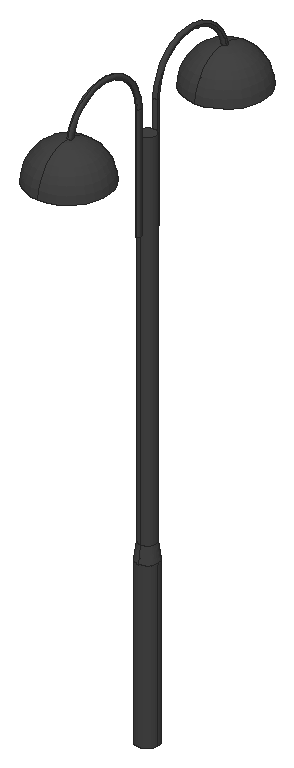
Revit family
Parameters
  Material Post = Paint - Black Matte
  Main Radius = Base Radius - 25 mm  # 75 mm
  Height = 5000 mm
  Base Radius = 100 mm
  Base Height = 1500 mm
Reference planes
  plane 1 "Light Source Axis (F/B)": y = 0
  plane 2: z = 0
  plane 3 "Light Source Axis (L/R)": x = 0
  plane 4 "Light Source Elevation": z = 5000
  plane 5: z = 1500
  plane 6: z = 1650
  plane 7: z = 7950
  plane 8: y = -100
  plane 9: y = -500
  plane 10: z = 7700
  plane 11: z = 7950
  plane 12: y = -100
  plane 13: y = -550
  plane 14: z = 7700
  plane 15: y = 550
Forms (mm)
  Extrusion 1, solid, material "Paint - Black Matte" <- "Material Post"
    sketch origin (0, 0, 0) x (1, 0, 0) y (0, 1, 0)
      loop
        circle (0, 0) r 100
    from 0 to 1500
  Extrusion 2, solid, material "Paint - Black Matte" <- "Material Post"
    sketch origin (0, 0, 1650) x (0, -1, 0) y (-1, 0, 0)
      loop
        circle (0, 0) r 75
    from 0 to -3350
  Blend 3, solid, material "Paint - Black Matte" <- "Material Post"
    base sketch origin (0, 0, 1500) x (0, -1, 0) y (1, 0, 0)
      loop
        circle (0, 0) r 100
    top sketch origin (0, 0, 1500) x (0, -1, 0) y (1, 0, 0)
      loop
        circle (0, 0) r 75
    from 0 to 150
  Sweep 4, solid, material "Paint - Black Matte" <- "Material Post"
    path origin (0, 0, 0) x (0, 1, 0) y (0, 0, 1)
      loop
        line (-100, 4200) -> (-100, 5250)
        arc (-100, 5250) -> (-500, 5650) -> (-900, 5250) r 400
    profile origin (0, 0, 4725) x (0, -1, 0) y (1, 0, 0)
      loop
        circle (100, 0) r 20
  Revolve 5, solid, material "Paint - Black Matte" <- "Material Post"
    sketch origin (0, 0, 0) x (0, 1, 0) y (0, 0, 1)
      loop
        arc (-550, 5000) -> (-652.513, 5247.487) -> (-900, 5350) r 350
        line (-900, 5350) -> (-900, 5340)
        arc (-900, 5340) -> (-659.584, 5240.416) -> (-560, 5000) r 340
        line (-560, 5000) -> (-550, 5000)
      axis (-900, 5350) -> (-900, 5000)
    angle from 0 to 360
  Sweep 6, solid, material "Paint - Black Matte" <- "Material Post"
    path origin (0, 0, 0) x (0, -1, 0) y (0, 0, -1)
      loop
        line (-100, -4200) -> (-100, -5250)
        arc (-100, -5250) -> (-500, -5650) -> (-900, -5250) r 400
    profile origin (0, 0, 4725) x (1, 0, 0) y (0, 1, 0)
      loop
        circle (0, 100) r 20
  Revolve 7, solid, material "Paint - Black Matte" <- "Material Post"
    sketch origin (0, 0, 0) x (0, -1, 0) y (0, 0, -1)
      loop
        line (-550, -5000) -> (-560, -5000)
        arc (-560, -5000) -> (-659.584, -5240.416) -> (-900, -5340) r 340
        line (-900, -5340) -> (-900, -5350)
        arc (-900, -5350) -> (-652.513, -5247.487) -> (-550, -5000) r 350
      axis (-900, -5350) -> (-900, -5000)
    angle from 0 to 360
Dimensions and locks
  "Base Height": plane 5 to plane 2
  "Height": plane 4 "Light Source Elevation" to plane 2
  plane 6 to plane 5 = 150 mm
  plane 8 to plane 9 = 400 mm
  locked: plane 1 "Light Source Axis (F/B)" to plane 8 at 100
  plane 5 to plane 6 = 150 mm
  plane 4 "Light Source Elevation" to Sweep 4 sketch curve = 650 mm
  plane 13 to plane 12 = 450 mm
  plane 4 "Light Source Elevation" to Sweep 6 sketch curve = 650 mm
  plane 1 "Light Source Axis (F/B)" to Sweep 6 sketch curve = 100 mm
  plane 1 "Light Source Axis (F/B)" to Sweep 6 sketch curve = 900 mm
  Sweep 6 sketch curve to plane 15 = 450 mm
  Sweep 4 sketch curve to plane 4 "Light Source Elevation" = 800 mm
  Sweep 6 sketch curve to plane 4 "Light Source Elevation" = 800 mm
  "Base Radius": radius of Extrusion 1 sketch curve
  "Main Radius": radius of Extrusion 2 sketch curve
  aligned and locked: Extrusion 2 to plane 6
  aligned and locked: Extrusion 2 to plane 4 "Light Source Elevation"
  aligned and locked: Blend 3 to plane 6
  aligned and locked: Blend 3 sketch curve to Extrusion 1
  aligned and locked: Blend 3 sketch curve to Extrusion 2
  aligned and locked: Extrusion 1 to plane 5
  aligned and locked: plane 3 "Light Source Axis (L/R)" to nested 1
  aligned and locked: nested 2 to plane 3 "Light Source Axis (L/R)"
  aligned and locked: plane 4 "Light Source Elevation" to nested 2
  aligned and locked: plane 4 "Light Source Elevation" to nested 1
Automatic sketch dimensions
  Extrusion 1 sketch curve to plane 1 "Light Source Axis (F/B)" = 0 mm
  Extrusion 1 sketch curve to plane 3 "Light Source Axis (L/R)" = 0 mm
  Extrusion 2 sketch curve to plane 1 "Light Source Axis (F/B)" = 0 mm
  Extrusion 2 sketch curve to plane 3 "Light Source Axis (L/R)" = 0 mm
  Sweep 4 sketch curve to plane 3 "Light Source Axis (L/R)" = 0 mm
  Sweep 4 sketch curve to profile plane = 0 mm
  Revolve 5 sketch curve to plane 4 "Light Source Elevation" = 0 mm
  Revolve 5 sketch curve to level = 508 mm
  Sweep 4 sketch curve to plane 9 = 0 mm
  Sweep 6 sketch curve to profile plane = 0 mm  (x2)
  Revolve 7 sketch curve to plane 4 "Light Source Elevation" = 0 mm
  Revolve 7 sketch curve to Revolve 7 sketch curve = 10 mm
  Revolve 7 sketch curve to level = 508 mm
  Revolve 5 sketch curve to Revolve 5 sketch curve = 340 mm
  Revolve 5 sketch curve to Revolve 5 sketch curve = 10 mm
  Sweep 4 sketch curve to plane 8 = 0 mm
  plane 1 "Light Source Axis (F/B)" to Revolve 5 sketch curve = 900 mm  (x2)
  Revolve 7 sketch curve to plane 1 "Light Source Axis (F/B)" = 900 mm  (x2)
  Revolve 7 sketch curve to Revolve 7 sketch curve = 340 mm
  Revolve 5 sketch curve to Revolve 5 sketch curve = 1403 mm
  Revolve 7 sketch curve to Revolve 7 sketch curve = 1403 mm
  radius of Sweep 4 sketch curve = 20 mm
  radius of Sweep 6 sketch curve = 20 mm
Nested families
  nested 1: "Light Source" at (0, 900, 5000), type "250W"
  nested 2: "Light Source" at (0, -900, 5000), type "250W"
Definition of nested family "Light Source"
  Parameters (values of type "250W")
    Wattage = 250 W
    built-in parameter 1150110 = 1 (stored number, unit not read)
    built-in parameter 1114217 = 1 (stored number, unit not read)
    built-in parameter 1150109 = 1 (stored number, unit not read)
    built-in parameter 1150134 = 3
    built-in parameter 1150113 = 1 (stored number, unit not read)
    Lumens = 4500 lm
    built-in parameter 1150115 = 1 (stored number, unit not read)
    built-in parameter 1150105 = 1432.4 (stored number, unit not read)
    Light Source Symbol Size = 609.6 mm
    built-in parameter 1150137 = (empty or 0)
    built-in parameter 1150139 = (empty or 0)
    built-in parameter 1150112 = 1 (stored number, unit not read)
    built-in parameter 1150114 = 1 (stored number, unit not read)
    built-in parameter 1150132 = (empty or 0)
    built-in parameter 1150102 = (empty or 0)
    built-in parameter 1150138 = (empty or 0)
    built-in parameter 1150107 = 3200 (stored number, unit not read)
    built-in parameter 1150106 = 14.324 (stored number, unit not read)
    built-in parameter 1150104 = 1.6723 (stored number, unit not read)
    Dimming Lamp Color Temperature Shift = (empty or 0)
    Color Filter = 16777215
    built-in parameter 1114218 = 1 (stored number, unit not read)
    built-in parameter 1150133 = 10 (stored number, unit not read)
    Assembly Code = ""
  Reference planes
    plane 1 "Light Source Axis (F/B)": y = 0
    plane 2: z = 0
    plane 3 "Light Source Axis (L/R)": x = 0
    plane 4 "Light Source Elevation": z = 0
    plane 5: x = 0
  Lines and regions (mm)
    reference lines
      curve 1: line (-880, 0, 0) -> (1700, 0, 0)
      curve 2: line (0, 1400, 0) -> (0, -800, 0)
  Dimensions and locks
    aligned and locked: plane 3 "Light Source Axis (L/R)" to imposter light
    aligned and locked: plane 1 "Light Source Axis (F/B)" to imposter light
    aligned and locked: plane 4 "Light Source Elevation" to imposter light
    aligned and locked: plane 4 "Light Source Elevation" to plane 2
    aligned and locked: plane 1 "Light Source Axis (F/B)" to curve 1
    aligned and locked: curve 2 to plane 5
